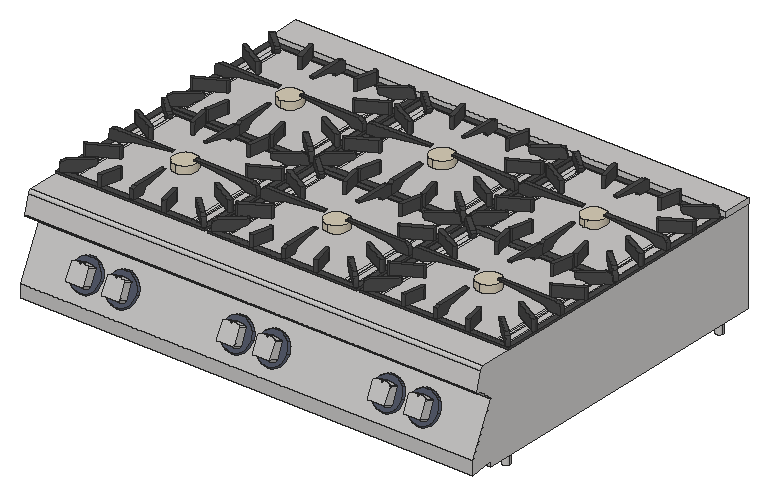
Revit family "QF_ZANUSSI_392012_Z9GCGL6S0M", category Specialty Equipment, Revit 2018
Family settings
  Round Connector Dimension = Use Diameter
  Part Type = Normal
  Work Plane-Based = No
  Always vertical = Yes
  Cut with Voids When Loaded = No
  Shared = No
  Room Calculation Point = No
Parameters
  Weight in Pounds = 110
  Weight = 0.00 kg
  Watts = 0 W
  Volts = 0 V
  URL Manufacturer = "http://www.zanussiprofessional.com"
  URL Cutsheet = "www.electrolux.com"
  URL = "http://www.zanussiprofessional.com"
  Type Mark [instance] = ""
  Steam Supply Size = 0"
  Steam Supply Minimum Pressure = 0.00 psi
  Steam Supply Maximum Pressure = 0.00 psi
  Steam Pounds per Hour = 0
  Status [instance] = ""
  Specification by User [instance] = ""
  Specification by Manufacturer = ""
  Show Logo [instance] = yes
  Show Clearance [instance] = yes
  Serial Number = ""
  Seismic Rating = ""
  SMACNA No = ""
  Revision Code [instance] = ""
  Refrigeration Suction Line Size = 0"
  Refrigeration Liquid Line Size = 0"
  Refrigerant Compressor Remote = yes
  Phase = 0
  Omniclass Number and Title = ""
  NAFEM Spec ID Number = ""
  Model = "Z9GCGL6S0M"
  Mechanical Remarks [instance] = ""
  Mechanical Connection Type [instance] = ""
  Masterspec = ""
  Manufacturer = "Zanussi"
  Length Actual = 1200 mm  # constant formula
  Item Number [instance] = "392012"
  Installed By [instance] = ""
  Identify Quantity as Lot [instance] = yes
  Hot Water Size = 0"
  Height Actual = 250 mm  # constant formula
  HP = "0 HP"
  Gas Size = 1/2"
  Gas RI Height [instance] = 0 mm
  Gas KW [instance] = 60
  Gas Input [instance] = 2.01294 Btu/h
  Gas Connection Height = 0 mm
  Furnished By [instance] = ""
  Foodservice Equipment Identifier [instance] = yes
  Direct Waste Size = 0"
  Description = "6-BURNER (10KW) GAS BOILING TOP 1200 MM"
  Depth Actual = 900 mm  # constant formula
  Cycle = 0 Hz
  Condensate Return Size = 0"
  Compressed Air Volume = 0 GPM
  Compressed Air Size = 0"
  Compressed Air Pressure = 0.00 psi
  Cold Water Size = 0"
  CSI MasterFormat = ""
  CSI Master Format = ""
  Accessory = yes
Reference planes
  plane 1 "BACK": y = 0
  plane 2: z = 0
  plane 3 "LEFT": x = 0
  plane 4 "RIGHT": x = 1200
  plane 5 "FRONT": y = -915
  plane 6 "TOP": z = 310
  plane 7 "Center Y": x = 600
  plane 8 "Center X": y = -457.5
  plane 9: z = 24
  plane 10: z = 274
  plane 11: y = -82
  plane 12: y = -900.275
  plane 13: y = -666
  plane 14: y = -609
  plane 15: y = -790
  plane 16: x = 11.112
  plane 17: x = 1188.887
  plane 18: x = 1147.613
  plane 19: x = 1049
Forms (mm)
  Extrusion 1, solid, material "QF_Finishes_Stainless Steel"
    sketch origin (0, 0, 0) x (0, 1, 0) y (0, 0, 1)
      loop
        line (0, 24) -> (0, 273.175) -> (-879.358, 273.175)
        arc (-879.358, 273.175) -> (-884.643, 270.986) -> (-886.833, 265.701) r 7.474
        line (-886.833, 265.701) -> (-899.884, 220.186)
        arc (-899.884, 220.186) -> (-899.396, 217.554) -> (-897, 216.359) r 3
        line (-897, 216.359) -> (-886.802, 216.359) -> (-854.982, 184.539) -> (-915, 64.508) -> (-915, 29.508) -> (-858.645, 37.428)
        arc (-858.645, 37.428) -> (-856.101, 36.674) -> (-855, 34.259) r 3.2
        line (-855, 34.259) -> (-855, 24) -> (0, 24)
    from 0 to 1200
  Extrusion 2, solid, material "QF_Finishes_Stainless Steel"
    sketch origin (0, -836.847, 23.812) x (1, 0, 0) y (0, -1, 0)
      loop
        circle (11.112, -754.847) r 9.5
      loop
        circle (1188.887, -46.847) r 9.5
      loop
        circle (1188.888, -754.847) r 9.5
      loop
        circle (11.112, -61.972) r 9.5
    from 0 to 23.812
  Extrusion 3, solid, material "QF_Finishes_Stainless Steel"
    sketch origin (0, -836.847, 23.812) x (1, 0, 0) y (0, -1, 0)
      loop
        circle (1147.613, -170.847) r 6.4
    from 0 to 20
  Extrusion 4, solid, material "QF_Finishes_Stainless Steel"
    sketch origin (0, 0, 0) x (0, 1, 0) y (0, 0, 1)
      loop
        line (0, 274) -> (0, 288.288) -> (-76.2, 288.288) -> (-76.2, 274) -> (0, 274)
    from 0 to 1200
  Extrusion 5, solid, material "QF_Clearances", visible <- "Show Clearance", detail levels coarse
    sketch origin (0, 0, 0) x (1, 0, 0) y (0, 1, 0)
      loop
        line (0, -915) -> (0, 0) -> (1200, 0) -> (1200, -914.604) -> (1300.013, -914.604) -> (1300.013, 100.013) -> (-100.012, 100.013) -> (-100.012, -915) -> (0, -915)
    from 0 to 310
  Extrusion 6, solid, material "QF_Finishes_Stainless Steel"
    sketch origin (0, -836.847, 23.812) x (1, 0, 0) y (0, -1, 0)
      loop
        circle (1049, -227.847) r 12.7
    from 0 to 5
  Blend 7, solid, material "QF_Finishes_Navy Blue"
    base sketch origin (552.5, -884.991, 124.524) x (1, 0, 0) y (0, 0.447229, 0.89442)
      loop
        circle (0, 0) r 42.5
    top sketch origin (552.5, -884.991, 124.524) x (1, 0, 0) y (0, 0.447229, 0.89442)
      loop
        circle (0, 0) r 40.5
    from 0 to 5
  Extrusion 8, solid, material "QF_Finishes_Stainless Steel"
    sketch origin (552.5, -884.991, 124.524) x (1, 0, 0) y (0, 0.447229, 0.89442)
      loop
        arc (-21.147, 22.789) -> (-22.494, 21.685) -> (-23, 20.019) r 2.997
        line (-23, 20.019) -> (-23, -20.019)
        arc (-23, -20.019) -> (-22.122, -22.138) -> (-20.003, -23.016) r 2.997
        line (-20.003, -23.016) -> (20.003, -23.016)
        arc (20.003, -23.016) -> (22.122, -22.138) -> (23, -20.019) r 2.997
        line (23, -20.019) -> (23, 20.019)
        arc (23, 20.019) -> (22.494, 21.685) -> (21.147, 22.789) r 2.997
        arc (21.147, 22.789) -> (0, 26.984) -> (-21.147, 22.789) r 55.4
    from 10 to 34
  Extrusion 9, solid, material "QF_Plastic-Black-Matte"
    sketch origin (610, -884.991, 124.524) x (0, 0.447229, 0.89442) y (0, -0.89442, 0.447229)
      loop
        line (26.984, 34) -> (26.984, 19) -> (27.984, 19) -> (27.984, 34)
        arc (27.984, 34) -> (27.691, 34.707) -> (26.984, 35) r 1
        line (26.984, 35) -> (23.984, 35) -> (23.984, 34) -> (26.984, 34)
    from -58.5 to -56.5
  Extrusion 10, solid, material "QF_Finishes_Stainless Steel"
    sketch origin (552.5, -884.991, 124.524) x (1, 0, 0) y (0, 0.447229, 0.89442)
      loop
        line (17.5, 17.5) -> (-17.5, 17.5) -> (-17.5, -17.5) -> (17.5, -17.5) -> (17.5, 17.5)
    from 5 to 10
  Blend 11, solid, material "QF_Finishes_Navy Blue"
    base sketch origin (647.5, -884.991, 124.524) x (1, 0, 0) y (0, 0.447229, 0.89442)
      loop
        circle (0, 0) r 42.5
    top sketch origin (647.5, -884.991, 124.524) x (1, 0, 0) y (0, 0.447229, 0.89442)
      loop
        circle (0, 0) r 40.5
    from 0 to 5
  Extrusion 12, solid, material "QF_Finishes_Stainless Steel"
    sketch origin (647.5, -884.991, 124.524) x (1, 0, 0) y (0, 0.447229, 0.89442)
      loop
        arc (-21.147, 22.789) -> (-22.494, 21.685) -> (-23, 20.019) r 2.997
        line (-23, 20.019) -> (-23, -20.019)
        arc (-23, -20.019) -> (-22.122, -22.138) -> (-20.003, -23.016) r 2.997
        line (-20.003, -23.016) -> (20.003, -23.016)
        arc (20.003, -23.016) -> (22.122, -22.138) -> (23, -20.019) r 2.997
        line (23, -20.019) -> (23, 20.019)
        arc (23, 20.019) -> (22.494, 21.685) -> (21.147, 22.789) r 2.997
        arc (21.147, 22.789) -> (0, 26.984) -> (-21.147, 22.789) r 55.4
    from 10 to 34
  Extrusion 13, solid, material "QF_Finishes_Stainless Steel"
    sketch origin (647.5, -884.991, 124.524) x (1, 0, 0) y (0, 0.447229, 0.89442)
      loop
        line (17.5, 17.5) -> (-17.5, 17.5) -> (-17.5, -17.5) -> (17.5, -17.5) -> (17.5, 17.5)
    from 5 to 10
  Extrusion 14, solid, material "QF_Plastic-Black-Matte"
    sketch origin (590, -884.991, 124.524) x (0, 0.447229, 0.89442) y (0, 0.89442, -0.447229)
      loop
        line (26.984, -34) -> (23.984, -34) -> (23.984, -35) -> (26.984, -35)
        arc (26.984, -35) -> (27.691, -34.707) -> (27.984, -34) r 1
        line (27.984, -34) -> (27.984, -19) -> (26.984, -19) -> (26.984, -34)
    from -58.5 to -56.5
  Blend 15, solid, material "QF_Finishes_Navy Blue"
    base sketch origin (152.525, -884.991, 124.524) x (1, 0, 0) y (0, 0.447229, 0.89442)
      loop
        circle (0, 0) r 42.5
    top sketch origin (152.525, -884.991, 124.524) x (1, 0, 0) y (0, 0.447229, 0.89442)
      loop
        circle (0, 0) r 40.5
    from 0 to 5
  Extrusion 16, solid, material "QF_Finishes_Stainless Steel"
    sketch origin (152.525, -884.991, 124.524) x (1, 0, 0) y (0, 0.447229, 0.89442)
      loop
        arc (-21.147, 22.789) -> (-22.494, 21.685) -> (-23, 20.019) r 2.997
        line (-23, 20.019) -> (-23, -20.019)
        arc (-23, -20.019) -> (-22.122, -22.138) -> (-20.003, -23.016) r 2.997
        line (-20.003, -23.016) -> (20.003, -23.016)
        arc (20.003, -23.016) -> (22.122, -22.138) -> (23, -20.019) r 2.997
        line (23, -20.019) -> (23, 20.019)
        arc (23, 20.019) -> (22.494, 21.685) -> (21.147, 22.789) r 2.997
        arc (21.147, 22.789) -> (0, 26.984) -> (-21.147, 22.789) r 55.4
    from 10 to 34
  Extrusion 17, solid, material "QF_Plastic-Black-Matte"
    sketch origin (210.025, -884.991, 124.524) x (0, 0.447229, 0.89442) y (0, -0.89442, 0.447229)
      loop
        line (26.984, 34) -> (26.984, 19) -> (27.984, 19) -> (27.984, 34)
        arc (27.984, 34) -> (27.691, 34.707) -> (26.984, 35) r 1
        line (26.984, 35) -> (23.984, 35) -> (23.984, 34) -> (26.984, 34)
    from -58.5 to -56.5
  Extrusion 18, solid, material "QF_Finishes_Stainless Steel"
    sketch origin (152.525, -884.991, 124.524) x (1, 0, 0) y (0, 0.447229, 0.89442)
      loop
        line (17.5, 17.5) -> (-17.5, 17.5) -> (-17.5, -17.5) -> (17.5, -17.5) -> (17.5, 17.5)
    from 5 to 10
  Blend 19, solid, material "QF_Finishes_Navy Blue"
    base sketch origin (247.525, -884.991, 124.524) x (1, 0, 0) y (0, 0.447229, 0.89442)
      loop
        circle (0, 0) r 42.5
    top sketch origin (247.525, -884.991, 124.524) x (1, 0, 0) y (0, 0.447229, 0.89442)
      loop
        circle (0, 0) r 40.5
    from 0 to 5
  Extrusion 20, solid, material "QF_Finishes_Stainless Steel"
    sketch origin (247.525, -884.991, 124.524) x (1, 0, 0) y (0, 0.447229, 0.89442)
      loop
        arc (-21.147, 22.789) -> (-22.494, 21.685) -> (-23, 20.019) r 2.997
        line (-23, 20.019) -> (-23, -20.019)
        arc (-23, -20.019) -> (-22.122, -22.138) -> (-20.003, -23.016) r 2.997
        line (-20.003, -23.016) -> (20.003, -23.016)
        arc (20.003, -23.016) -> (22.122, -22.138) -> (23, -20.019) r 2.997
        line (23, -20.019) -> (23, 20.019)
        arc (23, 20.019) -> (22.494, 21.685) -> (21.147, 22.789) r 2.997
        arc (21.147, 22.789) -> (0, 26.984) -> (-21.147, 22.789) r 55.4
    from 10 to 34
  Extrusion 21, solid, material "QF_Finishes_Stainless Steel"
    sketch origin (247.525, -884.991, 124.524) x (1, 0, 0) y (0, 0.447229, 0.89442)
      loop
        line (17.5, 17.5) -> (-17.5, 17.5) -> (-17.5, -17.5) -> (17.5, -17.5) -> (17.5, 17.5)
    from 5 to 10
  Extrusion 22, solid, material "QF_Plastic-Black-Matte"
    sketch origin (190.025, -884.991, 124.524) x (0, 0.447229, 0.89442) y (0, 0.89442, -0.447229)
      loop
        line (26.984, -34) -> (23.984, -34) -> (23.984, -35) -> (26.984, -35)
        arc (26.984, -35) -> (27.691, -34.707) -> (27.984, -34) r 1
        line (27.984, -34) -> (27.984, -19) -> (26.984, -19) -> (26.984, -34)
    from -58.5 to -56.5
  Blend 23, solid, material "QF_Finishes_Navy Blue"
    base sketch origin (952.5, -884.991, 124.524) x (1, 0, 0) y (0, 0.447229, 0.89442)
      loop
        circle (0, 0) r 42.5
    top sketch origin (952.5, -884.991, 124.524) x (1, 0, 0) y (0, 0.447229, 0.89442)
      loop
        circle (0, 0) r 40.5
    from 0 to 5
  Extrusion 24, solid, material "QF_Finishes_Stainless Steel"
    sketch origin (952.5, -884.991, 124.524) x (1, 0, 0) y (0, 0.447229, 0.89442)
      loop
        arc (-21.147, 22.789) -> (-22.494, 21.685) -> (-23, 20.019) r 2.997
        line (-23, 20.019) -> (-23, -20.019)
        arc (-23, -20.019) -> (-22.122, -22.138) -> (-20.003, -23.016) r 2.997
        line (-20.003, -23.016) -> (20.003, -23.016)
        arc (20.003, -23.016) -> (22.122, -22.138) -> (23, -20.019) r 2.997
        line (23, -20.019) -> (23, 20.019)
        arc (23, 20.019) -> (22.494, 21.685) -> (21.147, 22.789) r 2.997
        arc (21.147, 22.789) -> (0, 26.984) -> (-21.147, 22.789) r 55.4
    from 10 to 34
  Extrusion 25, solid, material "QF_Plastic-Black-Matte"
    sketch origin (1010, -884.991, 124.524) x (0, 0.447229, 0.89442) y (0, -0.89442, 0.447229)
      loop
        line (26.984, 34) -> (26.984, 19) -> (27.984, 19) -> (27.984, 34)
        arc (27.984, 34) -> (27.691, 34.707) -> (26.984, 35) r 1
        line (26.984, 35) -> (23.984, 35) -> (23.984, 34) -> (26.984, 34)
    from -58.5 to -56.5
  Extrusion 26, solid, material "QF_Finishes_Stainless Steel"
    sketch origin (952.5, -884.991, 124.524) x (1, 0, 0) y (0, 0.447229, 0.89442)
      loop
        line (17.5, 17.5) -> (-17.5, 17.5) -> (-17.5, -17.5) -> (17.5, -17.5) -> (17.5, 17.5)
    from 5 to 10
  Blend 27, solid, material "QF_Finishes_Navy Blue"
    base sketch origin (1047.5, -884.991, 124.524) x (1, 0, 0) y (0, 0.447229, 0.89442)
      loop
        circle (0, 0) r 42.5
    top sketch origin (1047.5, -884.991, 124.524) x (1, 0, 0) y (0, 0.447229, 0.89442)
      loop
        circle (0, 0) r 40.5
    from 0 to 5
  Extrusion 28, solid, material "QF_Finishes_Stainless Steel"
    sketch origin (1047.5, -884.991, 124.524) x (1, 0, 0) y (0, 0.447229, 0.89442)
      loop
        arc (-21.147, 22.789) -> (-22.494, 21.685) -> (-23, 20.019) r 2.997
        line (-23, 20.019) -> (-23, -20.019)
        arc (-23, -20.019) -> (-22.122, -22.138) -> (-20.003, -23.016) r 2.997
        line (-20.003, -23.016) -> (20.003, -23.016)
        arc (20.003, -23.016) -> (22.122, -22.138) -> (23, -20.019) r 2.997
        line (23, -20.019) -> (23, 20.019)
        arc (23, 20.019) -> (22.494, 21.685) -> (21.147, 22.789) r 2.997
        arc (21.147, 22.789) -> (0, 26.984) -> (-21.147, 22.789) r 55.4
    from 10 to 34
  Extrusion 29, solid, material "QF_Finishes_Stainless Steel"
    sketch origin (1047.5, -884.991, 124.524) x (1, 0, 0) y (0, 0.447229, 0.89442)
      loop
        line (17.5, 17.5) -> (-17.5, 17.5) -> (-17.5, -17.5) -> (17.5, -17.5) -> (17.5, 17.5)
    from 5 to 10
  Extrusion 30, solid, material "QF_Plastic-Black-Matte"
    sketch origin (990, -884.991, 124.524) x (0, 0.447229, 0.89442) y (0, 0.89442, -0.447229)
      loop
        line (26.984, -34) -> (23.984, -34) -> (23.984, -35) -> (26.984, -35)
        arc (26.984, -35) -> (27.691, -34.707) -> (27.984, -34) r 1
        line (27.984, -34) -> (27.984, -19) -> (26.984, -19) -> (26.984, -34)
    from -58.5 to -56.5
Lines and regions (mm)
  Split face 1
    outline origin (552.5, -889.463, 126.76) x (1, 0, 0) y (0, 0.447229, 0.89442)
      loop
        circle (-33, 0) r 3
  Split face 2
    outline origin (558.401, -889.463, 126.76) x (1, 0, 0) y (0, 0.447229, 0.89442)
      loop
        line (-8.901, 38.561) -> (-8.901, 28.561) -> (-2.901, 28.561) -> (-2.901, 38.561) -> (-8.901, 38.561)
  Split face 3
    outline origin (558.401, -889.463, 126.76) x (1, 0, 0) y (0, 0.447229, 0.89442)
      loop
        line (-8.401, 38.061) -> (-8.401, 29.061) -> (-3.401, 29.061) -> (-3.401, 38.061) -> (-8.401, 38.061)
  Split face 4
    outline origin (578.157, -875.075, 155.536) x (-1, 0, 0) y (0, -0.447229, -0.89442)
      loop
        circle (43.456, 61.543) r 1.5
  Split face 5
    outline origin (552.5, -889.463, 126.76) x (1, 0, 0) y (0, 0.447229, 0.89442)
      loop
        circle (-24.487, 26.694) r 3.497
  Split face 6
    outline origin (558.401, -859.445, 186.794) x (1, 0, 0) y (0, 0.447229, 0.89442)
      loop
        line (-8.401, -34.061) -> (-3.401, -34.061)
  Split face 7
    outline origin (558.401, -859.445, 186.794) x (1, 0, 0) y (0, 0.447229, 0.89442)
      loop
        line (-8.401, -33.561) -> (-3.401, -33.561)
  Split face 8
    outline origin (558.401, -859.445, 186.794) x (1, 0, 0) y (0, 0.447229, 0.89442)
      loop
        circle (-5.901, -31.311) r 2.029
  Split face 9
    outline origin (653.401, -889.463, 126.76) x (1, 0, 0) y (0, 0.447229, 0.89442)
      loop
        line (-8.901, 38.561) -> (-8.901, 28.561) -> (-2.901, 28.561) -> (-2.901, 38.561) -> (-8.901, 38.561)
  Split face 10
    outline origin (653.401, -889.463, 126.76) x (1, 0, 0) y (0, 0.447229, 0.89442)
      loop
        line (-8.401, 38.061) -> (-8.401, 29.061) -> (-3.401, 29.061) -> (-3.401, 38.061) -> (-8.401, 38.061)
  Split face 11
    outline origin (653.401, -889.463, 126.76) x (1, 0, 0) y (0, 0.447229, 0.89442)
      loop
        line (-8.401, 34.061) -> (-3.401, 34.061)
  Split face 12
    outline origin (653.401, -889.463, 126.76) x (1, 0, 0) y (0, 0.447229, 0.89442)
      loop
        line (-8.401, 33.561) -> (-3.401, 33.561)
  Split face 13
    outline origin (653.401, -889.463, 126.76) x (1, 0, 0) y (0, 0.447229, 0.89442)
      loop
        circle (-5.901, 31.311) r 2.029
  Split face 14
    outline origin (647.5, -889.463, 126.76) x (1, 0, 0) y (0, 0.447229, 0.89442)
      loop
        circle (-33, 0) r 3
  Split face 15
    outline origin (673.157, -875.075, 155.536) x (-1, 0, 0) y (0, -0.447229, -0.89442)
      loop
        circle (43.456, 61.543) r 1.5
  Split face 16
    outline origin (647.5, -889.463, 126.76) x (1, 0, 0) y (0, 0.447229, 0.89442)
      loop
        circle (-24.487, 26.694) r 3.497
  Split face 17
    outline origin (152.525, -889.463, 126.76) x (1, 0, 0) y (0, 0.447229, 0.89442)
      loop
        circle (-33, 0) r 3
  Split face 18
    outline origin (158.426, -889.463, 126.76) x (1, 0, 0) y (0, 0.447229, 0.89442)
      loop
        line (-8.901, 38.561) -> (-8.901, 28.561) -> (-2.901, 28.561) -> (-2.901, 38.561) -> (-8.901, 38.561)
  Split face 19
    outline origin (158.426, -889.463, 126.76) x (1, 0, 0) y (0, 0.447229, 0.89442)
      loop
        line (-8.401, 38.061) -> (-8.401, 29.061) -> (-3.401, 29.061) -> (-3.401, 38.061) -> (-8.401, 38.061)
  Split face 20
    outline origin (178.182, -875.075, 155.536) x (-1, 0, 0) y (0, -0.447229, -0.89442)
      loop
        circle (43.456, 61.543) r 1.5
  Split face 21
    outline origin (152.525, -889.463, 126.76) x (1, 0, 0) y (0, 0.447229, 0.89442)
      loop
        circle (-24.487, 26.694) r 3.497
  Split face 22
    outline origin (158.426, -859.445, 186.794) x (1, 0, 0) y (0, 0.447229, 0.89442)
      loop
        line (-8.401, -34.061) -> (-3.401, -34.061)
  Split face 23
    outline origin (158.426, -859.445, 186.794) x (1, 0, 0) y (0, 0.447229, 0.89442)
      loop
        line (-8.401, -33.561) -> (-3.401, -33.561)
  Split face 24
    outline origin (158.426, -859.445, 186.794) x (1, 0, 0) y (0, 0.447229, 0.89442)
      loop
        circle (-5.901, -31.311) r 2.029
  Split face 25
    outline origin (253.426, -889.463, 126.76) x (1, 0, 0) y (0, 0.447229, 0.89442)
      loop
        line (-8.901, 38.561) -> (-8.901, 28.561) -> (-2.901, 28.561) -> (-2.901, 38.561) -> (-8.901, 38.561)
  Split face 26
    outline origin (253.426, -889.463, 126.76) x (1, 0, 0) y (0, 0.447229, 0.89442)
      loop
        line (-8.401, 38.061) -> (-8.401, 29.061) -> (-3.401, 29.061) -> (-3.401, 38.061) -> (-8.401, 38.061)
  Split face 27
    outline origin (253.426, -889.463, 126.76) x (1, 0, 0) y (0, 0.447229, 0.89442)
      loop
        line (-8.401, 34.061) -> (-3.401, 34.061)
  Split face 28
    outline origin (253.426, -889.463, 126.76) x (1, 0, 0) y (0, 0.447229, 0.89442)
      loop
        line (-8.401, 33.561) -> (-3.401, 33.561)
  Split face 29
    outline origin (253.426, -889.463, 126.76) x (1, 0, 0) y (0, 0.447229, 0.89442)
      loop
        circle (-5.901, 31.311) r 2.029
  Split face 30
    outline origin (247.525, -889.463, 126.76) x (1, 0, 0) y (0, 0.447229, 0.89442)
      loop
        circle (-33, 0) r 3
  Split face 31
    outline origin (273.182, -875.075, 155.536) x (-1, 0, 0) y (0, -0.447229, -0.89442)
      loop
        circle (43.456, 61.543) r 1.5
  Split face 32
    outline origin (247.525, -889.463, 126.76) x (1, 0, 0) y (0, 0.447229, 0.89442)
      loop
        circle (-24.487, 26.694) r 3.497
  Split face 33
    outline origin (952.5, -889.463, 126.76) x (1, 0, 0) y (0, 0.447229, 0.89442)
      loop
        circle (-33, 0) r 3
  Split face 34
    outline origin (958.401, -889.463, 126.76) x (1, 0, 0) y (0, 0.447229, 0.89442)
      loop
        line (-8.901, 38.561) -> (-8.901, 28.561) -> (-2.901, 28.561) -> (-2.901, 38.561) -> (-8.901, 38.561)
  Split face 35
    outline origin (958.401, -889.463, 126.76) x (1, 0, 0) y (0, 0.447229, 0.89442)
      loop
        line (-8.401, 38.061) -> (-8.401, 29.061) -> (-3.401, 29.061) -> (-3.401, 38.061) -> (-8.401, 38.061)
  Split face 36
    outline origin (978.157, -875.075, 155.536) x (-1, 0, 0) y (0, -0.447229, -0.89442)
      loop
        circle (43.456, 61.543) r 1.5
  Split face 37
    outline origin (952.5, -889.463, 126.76) x (1, 0, 0) y (0, 0.447229, 0.89442)
      loop
        circle (-24.487, 26.694) r 3.497
  Split face 38
    outline origin (958.401, -859.445, 186.794) x (1, 0, 0) y (0, 0.447229, 0.89442)
      loop
        line (-8.401, -34.061) -> (-3.401, -34.061)
  Split face 39
    outline origin (958.401, -859.445, 186.794) x (1, 0, 0) y (0, 0.447229, 0.89442)
      loop
        line (-8.401, -33.561) -> (-3.401, -33.561)
  Split face 40
    outline origin (958.401, -859.445, 186.794) x (1, 0, 0) y (0, 0.447229, 0.89442)
      loop
        circle (-5.901, -31.311) r 2.029
  Split face 41
    outline origin (1053.401, -889.463, 126.76) x (1, 0, 0) y (0, 0.447229, 0.89442)
      loop
        line (-8.901, 38.561) -> (-8.901, 28.561) -> (-2.901, 28.561) -> (-2.901, 38.561) -> (-8.901, 38.561)
  Split face 42
    outline origin (1053.401, -889.463, 126.76) x (1, 0, 0) y (0, 0.447229, 0.89442)
      loop
        line (-8.401, 38.061) -> (-8.401, 29.061) -> (-3.401, 29.061) -> (-3.401, 38.061) -> (-8.401, 38.061)
  Split face 43
    outline origin (1053.401, -889.463, 126.76) x (1, 0, 0) y (0, 0.447229, 0.89442)
      loop
        line (-8.401, 34.061) -> (-3.401, 34.061)
  Split face 44
    outline origin (1053.401, -889.463, 126.76) x (1, 0, 0) y (0, 0.447229, 0.89442)
      loop
        line (-8.401, 33.561) -> (-3.401, 33.561)
  Split face 45
    outline origin (1053.401, -889.463, 126.76) x (1, 0, 0) y (0, 0.447229, 0.89442)
      loop
        circle (-5.901, 31.311) r 2.029
  Split face 46
    outline origin (1047.5, -889.463, 126.76) x (1, 0, 0) y (0, 0.447229, 0.89442)
      loop
        circle (-33, 0) r 3
  Split face 47
    outline origin (1073.157, -875.075, 155.536) x (-1, 0, 0) y (0, -0.447229, -0.89442)
      loop
        circle (43.456, 61.543) r 1.5
  Split face 48
    outline origin (1047.5, -889.463, 126.76) x (1, 0, 0) y (0, 0.447229, 0.89442)
      loop
        circle (-24.487, 26.694) r 3.497
  symbolic lines, style "QF_Clearances", visible <- "Show Clearance", detail levels coarse
    curve 1: line (-100.013, -915, 0) -> (-100.013, 100.013, 0)
    curve 2: line (-100.013, 100.013, 0) -> (1300.013, 100.013, 0)
    curve 3: line (1300.013, 100.013, 0) -> (1300.013, -914.604, 0)
  symbolic lines
    curve 4: line (0, 0, 0) -> (1200, 0, 0)
    curve 5: line (1200, 0, 0) -> (1200, -915.015, 0)
    curve 6: line (0, -915.015, 0) -> (0, 0, 0)
    curve 7: line (0, -76.2, 0) -> (1200, -76.2, 0)
    curve 8: line (0, -900.015, 0) -> (1200.05, -900.015, 0)
    curve 9: line (129.525, -900.015, 0) -> (129.525, -924.361, 0)
    curve 10: arc (129.525, -924.361, 0) -> (129.671, -924.825, 0) -> (130.057, -925.121, 0) r 0.809
    curve 11: arc (130.057, -925.121, 0) -> (131.245, -925.602, 0) -> (132.522, -925.695, 0) r 4.127
    curve 12: arc (129.525, -904.307, 0) -> (124.484, -902.473, 0) -> (119.716, -900.015, 0) r 42.24
    curve 13: arc (129.525, -906.554, 0) -> (130.027, -905.833, 0) -> (130.824, -905.463, 0) r 1.682
    curve 14: arc (130.824, -905.463, 0) -> (141.127, -903.965, 0) -> (151.525, -903.456, 0) r 109.079
    curve 15: line (151.525, -900.015, 0) -> (151.525, -905.686, 0)
    curve 16: line (151.525, -905.686, 0) -> (153.525, -905.686, 0)
    curve 17: line (153.525, -905.686, 0) -> (153.525, -900.015, 0)
    curve 18: line (175.525, -900.015, 0) -> (175.525, -924.361, 0)
    curve 19: arc (175.525, -924.361, 0) -> (175.379, -924.825, 0) -> (174.993, -925.121, 0) r 0.809
    curve 20: arc (174.993, -925.121, 0) -> (173.805, -925.602, 0) -> (172.528, -925.695, 0) r 4.127
    curve 21: arc (175.525, -904.307, 0) -> (180.566, -902.473, 0) -> (185.334, -900.015, 0) r 42.24
    curve 22: arc (175.525, -906.554, 0) -> (175.023, -905.833, 0) -> (174.226, -905.463, 0) r 1.682
    curve 23: arc (174.226, -905.463, 0) -> (163.923, -903.965, 0) -> (153.525, -903.456, 0) r 109.079
    curve 24: line (132.522, -925.695, 0) -> (172.528, -925.695, 0)
    curve 25: line (270.525, -900.015, 0) -> (270.525, -924.361, 0)
    curve 26: arc (270.525, -924.361, 0) -> (270.379, -924.825, 0) -> (269.993, -925.121, 0) r 0.809
    curve 27: arc (269.993, -925.121, 0) -> (268.805, -925.602, 0) -> (267.528, -925.695, 0) r 4.127
    curve 28: arc (270.525, -904.307, 0) -> (275.566, -902.473, 0) -> (280.334, -900.015, 0) r 42.24
    curve 29: arc (270.525, -906.554, 0) -> (270.023, -905.833, 0) -> (269.226, -905.463, 0) r 1.682
    curve 30: arc (269.226, -905.463, 0) -> (258.923, -903.965, 0) -> (248.525, -903.456, 0) r 109.079
    curve 31: line (248.525, -900.015, 0) -> (248.525, -905.686, 0)
    curve 32: line (248.525, -905.686, 0) -> (246.525, -905.686, 0)
    curve 33: line (246.525, -905.686, 0) -> (246.525, -900.015, 0)
    curve 34: line (224.525, -900.015, 0) -> (224.525, -924.361, 0)
    curve 35: arc (224.525, -924.361, 0) -> (224.671, -924.825, 0) -> (225.057, -925.121, 0) r 0.809
    curve 36: arc (225.057, -925.121, 0) -> (226.245, -925.602, 0) -> (227.522, -925.695, 0) r 4.127
    curve 37: arc (224.525, -904.307, 0) -> (219.484, -902.473, 0) -> (214.716, -900.015, 0) r 42.24
    curve 38: arc (224.525, -906.554, 0) -> (225.027, -905.833, 0) -> (225.824, -905.463, 0) r 1.682
    curve 39: arc (225.824, -905.463, 0) -> (236.127, -903.965, 0) -> (246.525, -903.456, 0) r 109.079
    curve 40: line (267.528, -925.695, 0) -> (227.522, -925.695, 0)
    curve 41: line (175.525, -915.015, 0) -> (224.525, -915.015, 0)
    curve 42: line (270.525, -915.015, 0) -> (529.5, -915.015, 0)
    curve 43: line (0, -915.015, 0) -> (129.525, -915.015, 0)
    curve 44: line (529.5, -900.015, 0) -> (529.5, -924.361, 0)
    curve 45: arc (529.5, -924.361, 0) -> (529.646, -924.825, 0) -> (530.032, -925.121, 0) r 0.809
    curve 46: arc (530.032, -925.121, 0) -> (531.22, -925.602, 0) -> (532.497, -925.695, 0) r 4.127
    curve 47: arc (529.5, -904.307, 0) -> (524.459, -902.473, 0) -> (519.691, -900.015, 0) r 42.24
    curve 48: arc (529.5, -906.554, 0) -> (530.002, -905.833, 0) -> (530.799, -905.463, 0) r 1.682
    curve 49: arc (530.799, -905.463, 0) -> (541.102, -903.965, 0) -> (551.5, -903.456, 0) r 109.079
    curve 50: line (551.5, -900.015, 0) -> (551.5, -905.686, 0)
    curve 51: line (551.5, -905.686, 0) -> (553.5, -905.686, 0)
    curve 52: line (553.5, -905.686, 0) -> (553.5, -900.015, 0)
    curve 53: line (575.5, -900.015, 0) -> (575.5, -924.361, 0)
    curve 54: arc (575.5, -924.361, 0) -> (575.354, -924.825, 0) -> (574.968, -925.121, 0) r 0.809
    curve 55: arc (574.968, -925.121, 0) -> (573.78, -925.602, 0) -> (572.503, -925.695, 0) r 4.127
    curve 56: arc (575.5, -904.307, 0) -> (580.541, -902.473, 0) -> (585.309, -900.015, 0) r 42.24
    curve 57: arc (575.5, -906.554, 0) -> (574.998, -905.833, 0) -> (574.201, -905.463, 0) r 1.682
    curve 58: arc (574.201, -905.463, 0) -> (563.898, -903.965, 0) -> (553.5, -903.456, 0) r 109.079
    curve 59: line (532.497, -925.695, 0) -> (572.503, -925.695, 0)
    curve 60: line (670.5, -900.015, 0) -> (670.5, -924.361, 0)
    curve 61: arc (670.5, -924.361, 0) -> (670.354, -924.825, 0) -> (669.968, -925.121, 0) r 0.809
    curve 62: arc (669.968, -925.121, 0) -> (668.78, -925.602, 0) -> (667.503, -925.695, 0) r 4.127
    curve 63: arc (670.5, -904.307, 0) -> (675.541, -902.473, 0) -> (680.309, -900.015, 0) r 42.24
    curve 64: arc (670.5, -906.554, 0) -> (669.998, -905.833, 0) -> (669.201, -905.463, 0) r 1.682
    curve 65: arc (669.201, -905.463, 0) -> (658.898, -903.965, 0) -> (648.5, -903.456, 0) r 109.079
    curve 66: line (648.5, -900.015, 0) -> (648.5, -905.686, 0)
    curve 67: line (648.5, -905.686, 0) -> (646.5, -905.686, 0)
    curve 68: line (646.5, -905.686, 0) -> (646.5, -900.015, 0)
    curve 69: line (624.5, -900.015, 0) -> (624.5, -924.361, 0)
    curve 70: arc (624.5, -924.361, 0) -> (624.646, -924.825, 0) -> (625.032, -925.121, 0) r 0.809
    curve 71: arc (625.032, -925.121, 0) -> (626.22, -925.602, 0) -> (627.497, -925.695, 0) r 4.127
    curve 72: arc (624.5, -904.307, 0) -> (619.459, -902.473, 0) -> (614.691, -900.015, 0) r 42.24
    curve 73: arc (624.5, -906.554, 0) -> (625.002, -905.833, 0) -> (625.799, -905.463, 0) r 1.682
    curve 74: arc (625.799, -905.463, 0) -> (636.102, -903.965, 0) -> (646.5, -903.456, 0) r 109.079
    curve 75: line (667.503, -925.695, 0) -> (627.497, -925.695, 0)
    curve 76: line (575.5, -915.015, 0) -> (624.5, -915.015, 0)
    curve 77: line (670.5, -915.015, 0) -> (920.525, -915.015, 0)
    curve 78: line (929.5, -900.015, 0) -> (929.5, -924.361, 0)
    curve 79: arc (929.5, -924.361, 0) -> (929.646, -924.825, 0) -> (930.032, -925.121, 0) r 0.809
    curve 80: arc (930.032, -925.121, 0) -> (931.22, -925.602, 0) -> (932.497, -925.695, 0) r 4.127
    curve 81: arc (929.5, -904.307, 0) -> (924.459, -902.473, 0) -> (919.691, -900.015, 0) r 42.24
    curve 82: arc (929.5, -906.554, 0) -> (930.002, -905.833, 0) -> (930.799, -905.463, 0) r 1.682
    curve 83: arc (930.799, -905.463, 0) -> (941.102, -903.965, 0) -> (951.5, -903.456, 0) r 109.079
    curve 84: line (951.5, -900.015, 0) -> (951.5, -905.686, 0)
    curve 85: line (951.5, -905.686, 0) -> (953.5, -905.686, 0)
    curve 86: line (953.5, -905.686, 0) -> (953.5, -900.015, 0)
    curve 87: line (975.5, -900.015, 0) -> (975.5, -924.361, 0)
    curve 88: arc (975.5, -924.361, 0) -> (975.354, -924.825, 0) -> (974.968, -925.121, 0) r 0.809
    curve 89: arc (974.968, -925.121, 0) -> (973.78, -925.602, 0) -> (972.503, -925.695, 0) r 4.127
    curve 90: arc (975.5, -904.307, 0) -> (980.541, -902.473, 0) -> (985.309, -900.015, 0) r 42.24
    curve 91: arc (975.5, -906.554, 0) -> (974.998, -905.833, 0) -> (974.201, -905.463, 0) r 1.682
    curve 92: arc (974.201, -905.463, 0) -> (963.898, -903.965, 0) -> (953.5, -903.456, 0) r 109.079
    curve 93: line (932.497, -925.695, 0) -> (972.503, -925.695, 0)
    curve 94: line (1070.5, -900.015, 0) -> (1070.5, -924.361, 0)
    curve 95: arc (1070.5, -924.361, 0) -> (1070.354, -924.825, 0) -> (1069.968, -925.121, 0) r 0.809
    curve 96: arc (1069.968, -925.121, 0) -> (1068.78, -925.602, 0) -> (1067.503, -925.695, 0) r 4.127
    curve 97: arc (1070.5, -904.307, 0) -> (1075.541, -902.473, 0) -> (1080.309, -900.015, 0) r 42.24
    curve 98: arc (1070.5, -906.554, 0) -> (1069.998, -905.833, 0) -> (1069.201, -905.463, 0) r 1.682
    curve 99: arc (1069.201, -905.463, 0) -> (1058.898, -903.965, 0) -> (1048.5, -903.456, 0) r 109.079
    curve 100: line (1048.5, -900.015, 0) -> (1048.5, -905.686, 0)
    curve 101: line (1048.5, -905.686, 0) -> (1046.5, -905.686, 0)
    curve 102: line (1046.5, -905.686, 0) -> (1046.5, -900.015, 0)
    curve 103: line (1024.5, -900.015, 0) -> (1024.5, -924.361, 0)
    curve 104: arc (1024.5, -924.361, 0) -> (1024.646, -924.825, 0) -> (1025.032, -925.121, 0) r 0.809
    curve 105: arc (1025.032, -925.121, 0) -> (1026.22, -925.602, 0) -> (1027.497, -925.695, 0) r 4.127
    curve 106: arc (1024.5, -904.307, 0) -> (1019.459, -902.473, 0) -> (1014.691, -900.015, 0) r 42.24
    curve 107: arc (1024.5, -906.554, 0) -> (1025.002, -905.833, 0) -> (1025.799, -905.463, 0) r 1.682
    curve 108: arc (1025.799, -905.463, 0) -> (1036.102, -903.965, 0) -> (1046.5, -903.456, 0) r 109.079
    curve 109: line (1067.503, -925.695, 0) -> (1027.497, -925.695, 0)
    curve 110: line (975.5, -915.015, 0) -> (1024.5, -915.015, 0)
    curve 111: line (1070.5, -915.015, 0) -> (1200, -915.015, 0)
Dimensions and locks
  equal spacing: plane 3 "LEFT", plane 7 "Center Y", plane 4 "RIGHT"
  plane 3 "LEFT" to plane 4 "RIGHT" = 1200 mm
  equal spacing: plane 5 "FRONT", plane 8 "Center X", plane 1 "BACK"
  plane 5 "FRONT" to plane 1 "BACK" = 915 mm  (x2)
  plane 6 "TOP" to plane 2 = 310 mm
  plane 9 to plane 2 = 24 mm  (x2)
  plane 6 "TOP" to plane 10 = 36 mm
  plane 10 to plane 2 = 274 mm
  locked: plane 4 "RIGHT" to Extrusion 5 sketch curve at 100.013
  plane 10 to plane 9 = 250 mm  (x2)
  Extrusion 2 sketch curve to plane 1 "BACK" = 82 mm
  Extrusion 3 sketch curve to plane 1 "BACK" = 666 mm
  Extrusion 3 sketch curve to plane 4 "RIGHT" = 52.388 mm
  plane 11 to plane 1 "BACK" = 82 mm
  plane 14 to plane 1 "BACK" = 609 mm
  plane 13 to plane 1 "BACK" = 666 mm
  Extrusion 3 to plane 9 = 20.188 mm
  Extrusion 2 sketch curve to Extrusion 2 sketch curve = 708 mm
  plane 15 to plane 11 = 708 mm
  plane 12 to plane 15 = 110.275 mm
  plane 4 "RIGHT" to plane 3 "LEFT" = 1200 mm
  plane 4 "RIGHT" to plane 17 = 11.113 mm
  plane 17 to plane 16 = 1177.775 mm
  plane 16 to plane 3 "LEFT" = 11.112 mm
  plane 18 to plane 4 "RIGHT" = 52.388 mm
  plane 4 "RIGHT" to plane 19 = 151 mm
  Extrusion 6 sketch curve to plane 1 "BACK" = 609 mm
  plane 5 "FRONT" to plane 12 = 14.725 mm
  aligned and locked: level to plane 2
  aligned and locked: Extrusion 2 to plane 2
  aligned and locked: Extrusion 1 to plane 4 "RIGHT"
  aligned and locked: plane 6 "TOP" to Extrusion 5
  aligned and locked: plane 4 "RIGHT" to Extrusion 5 sketch curve
  aligned and locked: Extrusion 4 to plane 4 "RIGHT"
Automatic sketch dimensions
  Extrusion 4 sketch curve to plane 10 = 0 mm
  Extrusion 4 sketch curve to plane 1 "BACK" = 0 mm
  plane 11 to Extrusion 4 sketch curve = 5.8 mm
  Extrusion 4 sketch curve to Extrusion 4 sketch curve = 14.288 mm
  plane 5 "FRONT" to Extrusion 5 sketch curve = 0 mm
  plane 1 "BACK" to Extrusion 5 sketch curve = 0 mm
  Extrusion 5 sketch curve to plane 3 "LEFT" = 0 mm
  Extrusion 5 sketch curve to plane 3 "LEFT" = 100.012 mm
  Extrusion 5 sketch curve to plane 5 "FRONT" = 0.396 mm
  Extrusion 5 sketch curve to plane 1 "BACK" = 100.013 mm
  plane 5 "FRONT" to curve 1 = 0 mm
  curve 6 to plane 3 "LEFT" = 0 mm
  curve 5 to plane 4 "RIGHT" = 0 mm
  plane 1 "BACK" to curve 4 = 0 mm
  curve 1 to plane 3 "LEFT" = 100.013 mm
  curve 2 to plane 4 "RIGHT" = 100.013 mm
  curve 3 to plane 5 "FRONT" = 0.396 mm
  plane 11 to curve 7 = 5.8 mm
  curve 2 to plane 1 "BACK" = 100.013 mm
  Extrusion 1 sketch curve to plane 9 = 0 mm
  plane 9 to Extrusion 1 sketch curve = 5.508 mm
  plane 5 "FRONT" to Extrusion 1 sketch curve = 0 mm
  Extrusion 1 sketch curve to plane 10 = 53.814 mm
  Extrusion 1 sketch curve to Extrusion 1 sketch curve = 15.116 mm
  Extrusion 1 sketch curve to Extrusion 1 sketch curve = 2.884 mm
  Extrusion 1 sketch curve to plane 10 = 8.299 mm
  Extrusion 1 sketch curve to Extrusion 1 sketch curve = 13.051 mm
  Extrusion 1 sketch curve to Extrusion 1 sketch curve = 10.198 mm
  Extrusion 1 sketch curve to Extrusion 1 sketch curve = 7.474 mm
  plane 9 to Extrusion 1 sketch curve = 13.428 mm
  Extrusion 1 sketch curve to Extrusion 1 sketch curve = 56.355 mm
  Extrusion 1 sketch curve to Extrusion 1 sketch curve = 0.445 mm
  Extrusion 1 sketch curve to Extrusion 1 sketch curve = 3.2 mm
  Extrusion 1 sketch curve to plane 10 = 89.461 mm
  Extrusion 1 sketch curve to Extrusion 1 sketch curve = 31.82 mm
  plane 11 to Extrusion 1 sketch curve = 82 mm
  Extrusion 1 sketch curve to Extrusion 1 sketch curve = 35 mm
  Extrusion 1 sketch curve to Extrusion 1 sketch curve = 3.827 mm
  Extrusion 2 sketch curve to plane 16 = 0 mm  (x2)
  Extrusion 2 sketch curve to plane 11 = 0 mm
  Extrusion 2 sketch curve to plane 17 = 0 mm  (x2)
  plane 15 to Extrusion 2 sketch curve = 15.125 mm
  Extrusion 6 sketch curve to plane 19 = 0 mm
  Split face 2 sketch curve to Split face 2 sketch curve = 6 mm
  Split face 2 sketch curve to Split face 2 sketch curve = 10 mm
  Split face 3 sketch curve to Split face 3 sketch curve = 5 mm
  Split face 3 sketch curve to Split face 3 sketch curve = 9 mm
  Split face 6 sketch curve to Split face 6 sketch curve = 5 mm
  Split face 7 sketch curve to Split face 7 sketch curve = 5 mm
  Split face 9 sketch curve to Split face 9 sketch curve = 6 mm
  Split face 9 sketch curve to Split face 9 sketch curve = 10 mm
  Split face 10 sketch curve to Split face 10 sketch curve = 5 mm
  Split face 10 sketch curve to Split face 10 sketch curve = 9 mm
  Split face 11 sketch curve to Split face 11 sketch curve = 5 mm
  Split face 12 sketch curve to Split face 12 sketch curve = 5 mm
  Split face 18 sketch curve to Split face 18 sketch curve = 6 mm
  Split face 18 sketch curve to Split face 18 sketch curve = 10 mm
  Split face 19 sketch curve to Split face 19 sketch curve = 5 mm
  Split face 19 sketch curve to Split face 19 sketch curve = 9 mm
  Split face 22 sketch curve to Split face 22 sketch curve = 5 mm
  Split face 23 sketch curve to Split face 23 sketch curve = 5 mm
  Split face 25 sketch curve to Split face 25 sketch curve = 6 mm
  Split face 25 sketch curve to Split face 25 sketch curve = 10 mm
  Split face 26 sketch curve to Split face 26 sketch curve = 5 mm
  Split face 26 sketch curve to Split face 26 sketch curve = 9 mm
  Split face 27 sketch curve to Split face 27 sketch curve = 5 mm
  Split face 28 sketch curve to Split face 28 sketch curve = 5 mm
  Split face 34 sketch curve to Split face 34 sketch curve = 6 mm
  Split face 34 sketch curve to Split face 34 sketch curve = 10 mm
  Split face 35 sketch curve to Split face 35 sketch curve = 5 mm
  Split face 35 sketch curve to Split face 35 sketch curve = 9 mm
  Split face 38 sketch curve to Split face 38 sketch curve = 5 mm
  Split face 39 sketch curve to Split face 39 sketch curve = 5 mm
  Split face 41 sketch curve to Split face 41 sketch curve = 6 mm
  Split face 41 sketch curve to Split face 41 sketch curve = 10 mm
  Split face 42 sketch curve to Split face 42 sketch curve = 5 mm
  Split face 42 sketch curve to Split face 42 sketch curve = 9 mm
  Split face 43 sketch curve to Split face 43 sketch curve = 5 mm
  Split face 44 sketch curve to Split face 44 sketch curve = 5 mm
  Blend 7 sketch curve to plane 7 "Center Y" = 47.5 mm  (x2)
  Extrusion 8 sketch curve to plane 7 "Center Y" = 70.5 mm
  Extrusion 8 sketch curve to Extrusion 8 sketch curve = 2.997 mm  (x3)
  Extrusion 8 sketch curve to Extrusion 8 sketch curve = 20.003 mm  (x2)
  Extrusion 8 sketch curve to plane 7 "Center Y" = 27.497 mm
  Extrusion 8 sketch curve to Extrusion 8 sketch curve = 5.399 mm
  Extrusion 8 sketch curve to Extrusion 8 sketch curve = 40.037 mm
  Extrusion 8 sketch curve to Extrusion 8 sketch curve = 0 mm  (x2)
  plane 12 to Extrusion 9 sketch curve = 5.294 mm
  Extrusion 9 sketch curve to plane 10 = 112.372 mm
  Extrusion 9 sketch curve to Extrusion 9 sketch curve = 3 mm
  Extrusion 9 sketch curve to Extrusion 9 sketch curve = 0 mm  (x2)
  Extrusion 9 sketch curve to Extrusion 9 sketch curve = 1 mm
  Extrusion 9 sketch curve to Extrusion 9 sketch curve = 15 mm
  Extrusion 10 sketch curve to plane 7 "Center Y" = 65 mm
  Extrusion 10 sketch curve to plane 7 "Center Y" = 30 mm
  Extrusion 10 sketch curve to Extrusion 10 sketch curve = 35 mm
  plane 7 "Center Y" to Blend 11 sketch curve = 47.5 mm  (x2)
  plane 7 "Center Y" to Extrusion 12 sketch curve = 24.5 mm
  Extrusion 12 sketch curve to Extrusion 12 sketch curve = 2.997 mm  (x3)
  Extrusion 12 sketch curve to Extrusion 12 sketch curve = 20.003 mm  (x2)
  Extrusion 12 sketch curve to Extrusion 12 sketch curve = 40.005 mm
  Extrusion 12 sketch curve to Extrusion 12 sketch curve = 5.399 mm
  Extrusion 12 sketch curve to Extrusion 12 sketch curve = 40.037 mm
  Extrusion 12 sketch curve to Extrusion 12 sketch curve = 0 mm  (x2)
  plane 7 "Center Y" to Extrusion 13 sketch curve = 30 mm
  Extrusion 13 sketch curve to Extrusion 13 sketch curve = 35 mm  (x2)
  plane 12 to Extrusion 14 sketch curve = 5.294 mm
  Extrusion 14 sketch curve to plane 10 = 112.372 mm
  Extrusion 14 sketch curve to Extrusion 14 sketch curve = 3 mm
  Extrusion 14 sketch curve to Extrusion 14 sketch curve = 0 mm
  Extrusion 14 sketch curve to Extrusion 14 sketch curve = 1 mm  (x2)
  Extrusion 14 sketch curve to Extrusion 14 sketch curve = 15 mm
  plane 16 to Blend 15 sketch curve = 141.413 mm  (x2)
  plane 16 to Extrusion 16 sketch curve = 118.413 mm
  Extrusion 16 sketch curve to Extrusion 16 sketch curve = 2.997 mm  (x3)
  Extrusion 16 sketch curve to Extrusion 16 sketch curve = 20.003 mm  (x2)
  Extrusion 16 sketch curve to Extrusion 16 sketch curve = 40.005 mm
  Extrusion 16 sketch curve to Extrusion 16 sketch curve = 5.399 mm
  Extrusion 16 sketch curve to Extrusion 16 sketch curve = 40.037 mm
  Extrusion 16 sketch curve to Extrusion 16 sketch curve = 0 mm  (x2)
  plane 12 to Extrusion 17 sketch curve = 5.294 mm
  Extrusion 17 sketch curve to plane 10 = 112.372 mm
  Extrusion 17 sketch curve to Extrusion 17 sketch curve = 3 mm
  Extrusion 17 sketch curve to Extrusion 17 sketch curve = 0 mm  (x2)
  Extrusion 17 sketch curve to Extrusion 17 sketch curve = 1 mm
  Extrusion 17 sketch curve to Extrusion 17 sketch curve = 15 mm
  plane 16 to Extrusion 18 sketch curve = 123.913 mm
  Extrusion 18 sketch curve to Extrusion 18 sketch curve = 35 mm  (x2)
  plane 16 to Blend 19 sketch curve = 236.413 mm  (x2)
  plane 16 to Extrusion 20 sketch curve = 213.413 mm
  Extrusion 20 sketch curve to Extrusion 20 sketch curve = 2.997 mm  (x3)
  Extrusion 20 sketch curve to Extrusion 20 sketch curve = 20.003 mm  (x2)
  Extrusion 20 sketch curve to Extrusion 20 sketch curve = 40.005 mm
  Extrusion 20 sketch curve to Extrusion 20 sketch curve = 5.399 mm
  Extrusion 20 sketch curve to Extrusion 20 sketch curve = 40.037 mm
  Extrusion 20 sketch curve to Extrusion 20 sketch curve = 0 mm  (x2)
  plane 16 to Extrusion 21 sketch curve = 218.913 mm
  Extrusion 21 sketch curve to Extrusion 21 sketch curve = 35 mm  (x2)
  plane 12 to Extrusion 22 sketch curve = 5.294 mm
  Extrusion 22 sketch curve to plane 10 = 112.372 mm
  Extrusion 22 sketch curve to Extrusion 22 sketch curve = 3 mm
  Extrusion 22 sketch curve to Extrusion 22 sketch curve = 0 mm
  Extrusion 22 sketch curve to Extrusion 22 sketch curve = 1 mm  (x2)
  Extrusion 22 sketch curve to Extrusion 22 sketch curve = 15 mm
  Blend 23 sketch curve to plane 19 = 96.5 mm  (x2)
  Extrusion 24 sketch curve to plane 19 = 119.5 mm
  Extrusion 24 sketch curve to Extrusion 24 sketch curve = 2.997 mm  (x3)
  Extrusion 24 sketch curve to Extrusion 24 sketch curve = 20.003 mm  (x2)
  Extrusion 24 sketch curve to Extrusion 24 sketch curve = 40.005 mm
  Extrusion 24 sketch curve to Extrusion 24 sketch curve = 5.399 mm
  Extrusion 24 sketch curve to Extrusion 24 sketch curve = 40.037 mm
  Extrusion 24 sketch curve to Extrusion 24 sketch curve = 0 mm  (x2)
  plane 12 to Extrusion 25 sketch curve = 5.294 mm
  Extrusion 25 sketch curve to plane 10 = 112.372 mm
  Extrusion 25 sketch curve to Extrusion 25 sketch curve = 3 mm
  Extrusion 25 sketch curve to Extrusion 25 sketch curve = 0 mm  (x2)
  Extrusion 25 sketch curve to Extrusion 25 sketch curve = 1 mm
  Extrusion 25 sketch curve to Extrusion 25 sketch curve = 15 mm
  Extrusion 26 sketch curve to plane 19 = 114 mm
  Extrusion 26 sketch curve to Extrusion 26 sketch curve = 35 mm  (x2)
  Blend 27 sketch curve to plane 19 = 1.5 mm  (x2)
  Extrusion 28 sketch curve to plane 19 = 24.5 mm
  Extrusion 28 sketch curve to Extrusion 28 sketch curve = 2.997 mm  (x3)
  Extrusion 28 sketch curve to plane 19 = 1.5 mm
  plane 19 to Extrusion 28 sketch curve = 18.503 mm  (x2)
  Extrusion 28 sketch curve to Extrusion 28 sketch curve = 5.399 mm
  Extrusion 28 sketch curve to Extrusion 28 sketch curve = 40.037 mm
  Extrusion 28 sketch curve to Extrusion 28 sketch curve = 0 mm  (x2)
  Extrusion 29 sketch curve to plane 19 = 19 mm
  plane 19 to Extrusion 29 sketch curve = 16 mm
  Extrusion 29 sketch curve to Extrusion 29 sketch curve = 35 mm
  plane 12 to Extrusion 30 sketch curve = 5.294 mm
  Extrusion 30 sketch curve to plane 10 = 112.372 mm
  Extrusion 30 sketch curve to Extrusion 30 sketch curve = 3 mm
  Extrusion 30 sketch curve to Extrusion 30 sketch curve = 0 mm
  Extrusion 30 sketch curve to Extrusion 30 sketch curve = 1 mm  (x2)
  Extrusion 30 sketch curve to Extrusion 30 sketch curve = 15 mm
  plane 5 "FRONT" to curve 5 = 0.015 mm
  plane 5 "FRONT" to curve 6 = 0.015 mm
  plane 16 to curve 10 = 119.221 mm
  plane 12 to curve 13 = 6.846 mm
  curve 10 to curve 13 = 0.774 mm
  curve 10 to curve 11 = 1.846 mm
  curve 13 to curve 12 = 10.309 mm
  curve 10 to curve 14 = 21.322 mm
  curve 14 to curve 23 = 1.738 mm
  curve 12 to curve 21 = 22.215 mm
  plane 5 "FRONT" to curve 20 = 6.582 mm
  curve 11 to curve 20 = 40.691 mm
  plane 12 to curve 22 = 6.846 mm
  curve 20 to curve 22 = 1.071 mm
  curve 19 to curve 35 = 50.617 mm
  plane 12 to curve 38 = 6.846 mm
  curve 35 to curve 38 = 0.774 mm
  curve 35 to curve 36 = 1.846 mm
  curve 38 to curve 37 = 10.309 mm
  curve 35 to curve 39 = 21.322 mm
  curve 39 to curve 30 = 1.738 mm
  curve 37 to curve 28 = 22.215 mm
  plane 5 "FRONT" to curve 27 = 6.582 mm
  curve 36 to curve 27 = 40.691 mm
  plane 12 to curve 29 = 6.846 mm
  curve 27 to curve 29 = 1.071 mm
  curve 27 to curve 26 = 1.846 mm
  curve 45 to plane 7 "Center Y" = 69.691 mm
  plane 12 to curve 48 = 6.846 mm
  curve 45 to curve 48 = 0.774 mm
  curve 45 to curve 46 = 1.846 mm
  curve 48 to curve 47 = 10.309 mm
  curve 49 to plane 7 "Center Y" = 48.369 mm
  curve 49 to curve 58 = 1.738 mm
  curve 47 to curve 56 = 22.215 mm
  plane 5 "FRONT" to curve 55 = 6.582 mm
  curve 55 to plane 7 "Center Y" = 27.154 mm
  plane 12 to curve 57 = 6.846 mm
  curve 55 to curve 57 = 1.071 mm
  plane 7 "Center Y" to curve 70 = 25.309 mm
  plane 12 to curve 73 = 6.846 mm
  curve 70 to curve 73 = 0.774 mm
  curve 70 to curve 71 = 1.846 mm
  plane 7 "Center Y" to curve 72 = 36.392 mm
  plane 7 "Center Y" to curve 74 = 46.631 mm
  curve 74 to curve 65 = 1.738 mm
  curve 72 to curve 63 = 22.215 mm
  plane 5 "FRONT" to curve 62 = 6.582 mm
  curve 71 to curve 62 = 40.691 mm
  plane 12 to curve 64 = 6.846 mm
  curve 62 to curve 64 = 1.071 mm
  curve 62 to curve 61 = 1.846 mm
  curve 79 to plane 19 = 118.691 mm
  plane 12 to curve 82 = 6.846 mm
  curve 79 to curve 82 = 0.774 mm
  curve 79 to curve 80 = 1.846 mm
  curve 82 to curve 81 = 10.309 mm
  curve 79 to curve 83 = 21.322 mm
  curve 83 to curve 92 = 1.738 mm
  curve 81 to curve 90 = 22.215 mm
  plane 5 "FRONT" to curve 89 = 6.582 mm
  curve 80 to curve 89 = 40.691 mm
  plane 12 to curve 91 = 6.846 mm
  curve 89 to curve 91 = 1.071 mm
  curve 104 to plane 19 = 23.691 mm
  plane 12 to curve 107 = 6.846 mm
  curve 104 to curve 107 = 0.774 mm
  curve 104 to curve 105 = 1.846 mm
  curve 106 to plane 19 = 12.608 mm
  curve 108 to plane 19 = 2.369 mm
  curve 99 to plane 19 = 0.631 mm
  plane 19 to curve 97 = 9.608 mm
  plane 5 "FRONT" to curve 96 = 6.582 mm
  plane 19 to curve 96 = 18.846 mm
  plane 12 to curve 98 = 6.846 mm
  curve 96 to curve 98 = 1.071 mm
  curve 26 to curve 27 = 2.779 mm
  curve 83 to curve 79 = 88.173 mm
  curve 65 to curve 70 = 88.173 mm
  curve 49 to curve 45 = 88.173 mm
  curve 23 to curve 10 = 88.173 mm
  curve 99 to curve 104 = 88.173 mm
  curve 108 to curve 99 = 0 mm
  curve 83 to curve 92 = 0 mm
  curve 30 to curve 26 = 88.173 mm
  curve 49 to curve 58 = 0 mm
  curve 74 to curve 65 = 0 mm
  curve 14 to curve 23 = 0 mm
  curve 39 to curve 30 = 0 mm
  curve 88 to curve 89 = 2.779 mm
  curve 19 to curve 20 = 2.779 mm
  curve 95 to curve 96 = 2.779 mm
  curve 61 to curve 62 = 2.779 mm
  curve 54 to curve 55 = 2.779 mm
  curve 35 to curve 36 = 2.779 mm
  curve 70 to curve 71 = 2.779 mm
  curve 104 to curve 105 = 2.779 mm
  curve 10 to curve 11 = 2.779 mm
  curve 45 to curve 46 = 2.779 mm
  curve 79 to curve 80 = 2.779 mm
  curve 72 to plane 12 = 36.499 mm
  curve 56 to plane 12 = 36.499 mm
  curve 47 to curve 56 = 0 mm
  curve 90 to plane 12 = 36.499 mm
  curve 21 to plane 12 = 36.499 mm
  curve 72 to curve 63 = 0 mm
  curve 81 to curve 90 = 0 mm
  curve 106 to plane 12 = 36.499 mm
  curve 28 to plane 12 = 36.499 mm
  curve 106 to curve 97 = 0 mm
  curve 12 to curve 21 = 0 mm
  curve 37 to curve 28 = 0 mm
  curve 12 to curve 13 = 11.392 mm
  curve 9 to curve 10 = 0.809 mm
  curve 11 to curve 10 = 0.277 mm
  curve 13 to curve 13 = 0.284 mm
  curve 11 to curve 24 = 2.465 mm
  plane 12 to curve 15 = 5.411 mm
  curve 13 to curve 15 = 20.417 mm
  curve 15 to curve 16 = 2 mm
  curve 20 to curve 19 = 2.189 mm
  curve 22 to curve 22 = 0.284 mm
  curve 19 to curve 20 = 0.277 mm
  plane 5 "FRONT" to curve 41 = 0.015 mm
  curve 22 to curve 21 = 1.299 mm
  curve 19 to curve 19 = 0.809 mm
  curve 18 to curve 21 = 9.809 mm
  curve 37 to curve 38 = 11.392 mm
  curve 35 to curve 35 = 0.809 mm
  curve 35 to curve 35 = 0.277 mm
  curve 38 to curve 38 = 0.284 mm
  curve 36 to curve 40 = 2.465 mm
  curve 39 to curve 33 = 20.701 mm
  curve 32 to curve 32 = 2 mm
  curve 40 to curve 26 = 2.189 mm
  curve 29 to curve 30 = 0.284 mm
  curve 26 to curve 26 = 0.277 mm
  curve 29 to curve 28 = 1.299 mm
  plane 5 "FRONT" to curve 42 = 0.015 mm
  curve 25 to curve 28 = 9.809 mm
  curve 47 to curve 48 = 11.392 mm
  curve 45 to curve 45 = 0.809 mm
  curve 45 to curve 45 = 0.277 mm
  curve 48 to curve 48 = 0.284 mm
  curve 46 to curve 59 = 2.465 mm
  curve 48 to curve 50 = 20.701 mm
  curve 49 to curve 58 = 2 mm
  curve 55 to curve 54 = 2.189 mm
  curve 57 to curve 58 = 0.284 mm
  curve 54 to curve 55 = 0.277 mm
  curve 54 to curve 53 = 0.809 mm
  plane 5 "FRONT" to curve 76 = 0.015 mm
  curve 58 to curve 56 = 1.299 mm
  curve 53 to curve 56 = 9.809 mm
  curve 72 to curve 73 = 11.392 mm
  curve 73 to curve 73 = 1.583 mm
  curve 70 to curve 70 = 0.277 mm
  curve 74 to curve 73 = 0.284 mm
  curve 70 to curve 75 = 2.465 mm
  plane 12 to curve 68 = 5.411 mm
  curve 73 to curve 68 = 20.417 mm
  curve 68 to curve 66 = 2 mm
  curve 62 to curve 61 = 2.189 mm
  curve 64 to curve 64 = 0.284 mm
  curve 61 to curve 62 = 0.277 mm
  plane 5 "FRONT" to curve 77 = 0.015 mm
  curve 65 to curve 63 = 1.299 mm
  curve 60 to curve 63 = 9.809 mm
  curve 81 to curve 82 = 11.392 mm
  curve 77 to curve 82 = 10.558 mm
  curve 81 to curve 82 = 1.583 mm
  curve 79 to curve 79 = 0.277 mm
  curve 83 to curve 82 = 0.284 mm
  curve 79 to curve 80 = 2.465 mm
  curve 82 to curve 84 = 20.701 mm
  curve 83 to curve 92 = 2 mm
  curve 89 to curve 88 = 2.189 mm
  curve 91 to curve 91 = 0.284 mm
  curve 88 to curve 89 = 0.277 mm
  curve 88 to curve 87 = 0.809 mm
  plane 5 "FRONT" to curve 110 = 0.015 mm
  curve 92 to curve 90 = 1.299 mm
  curve 87 to curve 90 = 9.809 mm
  curve 106 to curve 107 = 11.392 mm
  curve 104 to curve 104 = 0.809 mm
  curve 105 to curve 104 = 0.277 mm
  curve 108 to curve 107 = 0.284 mm
  curve 104 to curve 105 = 2.465 mm
  curve 102 to plane 19 = 2.5 mm
  curve 100 to plane 19 = 0.5 mm
  curve 96 to curve 95 = 2.189 mm
  curve 98 to curve 99 = 0.284 mm
  curve 95 to curve 96 = 0.277 mm
  curve 95 to curve 95 = 0.809 mm
  curve 99 to curve 97 = 1.299 mm
  curve 97 to plane 12 = 0.26 mm
  curve 94 to curve 97 = 9.809 mm
  curve 8 to plane 4 "RIGHT" = 0.05 mm
  curve 98 to curve 98 = 0.567 mm
  curve 73 to curve 73 = 0.567 mm
  curve 48 to curve 48 = 0.567 mm
  curve 29 to curve 29 = 0.567 mm
  curve 13 to curve 13 = 0.567 mm
  curve 22 to curve 22 = 0.567 mm
  curve 91 to curve 91 = 0.567 mm
  curve 64 to curve 64 = 0.567 mm
  curve 107 to curve 107 = 0.567 mm
  curve 82 to curve 82 = 0.567 mm
  curve 38 to curve 38 = 0.567 mm
  curve 57 to curve 57 = 0.567 mm
  plane 12 to curve 85 = 5.411 mm
  plane 12 to curve 102 = 5.411 mm
  plane 12 to curve 50 = 5.411 mm
  plane 12 to curve 31 = 5.411 mm
  radius of Extrusion 2 sketch curve = 9.5 mm  (x4)
  radius of Extrusion 3 sketch curve = 6.4 mm
  radius of Extrusion 6 sketch curve = 12.7 mm
  radius of Split face 1 sketch curve = 3 mm
  radius of Split face 4 sketch curve = 1.5 mm
  radius of Split face 5 sketch curve = 3.497 mm
  radius of Split face 8 sketch curve = 2.029 mm
  radius of Split face 13 sketch curve = 2.029 mm
  radius of Split face 14 sketch curve = 3 mm
  radius of Split face 15 sketch curve = 1.5 mm
  radius of Split face 16 sketch curve = 3.497 mm
  radius of Split face 17 sketch curve = 3 mm
  radius of Split face 20 sketch curve = 1.5 mm
  radius of Split face 21 sketch curve = 3.497 mm
  radius of Split face 24 sketch curve = 2.029 mm
  radius of Split face 29 sketch curve = 2.029 mm
  radius of Split face 30 sketch curve = 3 mm
  radius of Split face 31 sketch curve = 1.5 mm
  radius of Split face 32 sketch curve = 3.497 mm
  radius of Split face 33 sketch curve = 3 mm
  radius of Split face 36 sketch curve = 1.5 mm
  radius of Split face 37 sketch curve = 3.497 mm
  radius of Split face 40 sketch curve = 2.029 mm
  radius of Split face 45 sketch curve = 2.029 mm
  radius of Split face 46 sketch curve = 3 mm
  radius of Split face 47 sketch curve = 1.5 mm
  radius of Split face 48 sketch curve = 3.497 mm
  radius of Blend 7 sketch curve = 42.5 mm
  radius of Blend 7 sketch curve = 40.5 mm
  radius of Blend 11 sketch curve = 42.5 mm
  radius of Blend 11 sketch curve = 40.5 mm
  radius of Blend 15 sketch curve = 42.5 mm
  radius of Blend 15 sketch curve = 40.5 mm
  radius of Blend 19 sketch curve = 42.5 mm
  radius of Blend 19 sketch curve = 40.5 mm
  radius of Blend 23 sketch curve = 42.5 mm
  radius of Blend 23 sketch curve = 40.5 mm
  radius of Blend 27 sketch curve = 42.5 mm
  radius of Blend 27 sketch curve = 40.5 mm
Nested families
  nested 1: "QF_392012_BURNER" at (0, -440.487, -576.213), type "QF_392012_BURNER"
    with Type Mark "", Status "", Specification by User "", Revision Code "", Item Number "", Installed By "", Identify Quantity as Lot yes, Furnished By "", Foodservice Equipment Identifier yes
  nested 2: "QF_392012_BURNER" at (0, -440.487, -576.213), type "QF_392012_BURNER"
    with Type Mark "", Status "", Specification by User "", Revision Code "", Item Number "", Installed By "", Identify Quantity as Lot yes, Furnished By "", Foodservice Equipment Identifier yes
